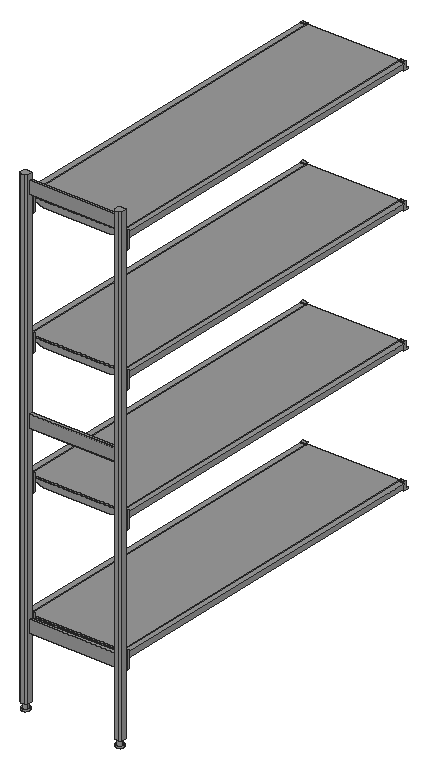
Revit family "QF_ELECTROLUXPROFESSIONAL_137056_ACS1272", category Attrezzature speciali, Revit 2020
Family settings
  Quota connettore circolare = Usa diametro
  Tipo di parte = Normale
  Basato su piano di lavoro = No
  Sempre verticale = Sì
  Taglio con vuoti quando caricato = No
  Condiviso = No
  Punto di calcolo locali = No
Parameters (values of type "Standard")
  Weight = 20.00 kg
  Watts = 0 W
  Volts = 0 V
  URL Manufacturer = "https://www.electroluxprofessional.com/"
  URL = "https://www.electroluxprofessional.com/"
  Steam Supply Size = 0 mm
  Steam Supply Minimum Pressure = 0.0 Pa
  Steam Supply Maximum Pressure = 0.0 Pa
  Steam Consumption per Hour = 0
  Refrigeration Suction Line Size = 0.0 mm
  Refrigeration Liquid Line Size = 0.0 mm
  Refrigerant Compressor Remote = yes
  Prospetto di default = 0.0 mm
  Phase = 0
  Modello = "ACS1272"
  Produttore = "Electrolux Professional"
  Length Actual = 1276.0 mm  # constant formula
  Item Number = "137056"
  Hot Water Size = 0 mm
  Height Actual = 1700.0 mm  # constant formula
  HP = "0 HP"
  Gas Size = 0 mm
  Gas KW = 0
  Gas Input Pressure = 0 W
  Direct Waste Size = 0 mm
  Descrizione = "ALUM.CORNER SHELV.-POLY.TIERS-373X1276MM"
  Depth Actual = 373.0 mm  # constant formula
  Cycle = 0 Hz
  Condensate Return Size = 0 mm
  Compressed Air Volume = 0.0 L/s
  Compressed Air Size = 0 mm
  Compressed Air Pressure = 0.0 Pa
  Cold Water Size = 0 mm
  Accessory = yes
Reference planes
  plane 1: z = 0
  plane 2 "Center (F/B)": y = -163.5
  plane 3 "Front": y = -549.5
  plane 4 "Left": x = -217.5
  plane 5 "Right": x = 155.5
  plane 6 "TOP": z = 1700
  plane 7: y = -517.5
  plane 8: y = 722.5
  plane 9 "Center (Left/Right)": x = -31
  plane 10: y = 717.5
  plane 11: x = -186
  plane 12: x = 124
  plane 13 "FEET": z = 25
  plane 14: z = 275
  plane 15: z = 725
  plane 16: z = 1175
  plane 17: z = 1625
  plane 18 "CXLeft": y = -535.5
  plane 19: x = -200
  plane 20 "CYBack": x = -200
  plane 21 "CYFront": x = 138
  plane 22 "Back": y = 726.5
  plane 23 "LEFT_ORIGIN": x = -251.5
  plane 24 "BACK_Origin": y = 1099.5
Forms (mm)
  Extrusion 1, solid, material "QF_Aluminum"
    sketch origin (0, -549.5, 0) x (-1, 0, 0) y (0, 0, 1)
      loop
        line (198.5, 1650.994) -> (198.5, 1632.998) -> (217.5, 1632.998) -> (217.5, 1650.994) -> (198.5, 1650.994)
      loop
        line (-136.5, 1650.994) -> (-155.5, 1650.994) -> (-155.5, 1632.998) -> (-136.5, 1632.998) -> (-136.5, 1650.994)
      loop
        line (198.5, 1200.994) -> (198.5, 1182.998) -> (217.5, 1182.998) -> (217.5, 1200.994) -> (198.5, 1200.994)
      loop
        line (-136.5, 1200.994) -> (-155.5, 1200.994) -> (-155.5, 1182.998) -> (-136.5, 1182.998) -> (-136.5, 1200.994)
      loop
        line (198.5, 750.994) -> (198.5, 732.998) -> (217.5, 732.998) -> (217.5, 750.994) -> (198.5, 750.994)
      loop
        line (-136.5, 750.994) -> (-155.5, 750.994) -> (-155.5, 732.998) -> (-136.5, 732.998) -> (-136.5, 750.994)
      loop
        line (198.5, 300.994) -> (198.5, 282.998) -> (217.5, 282.998) -> (217.5, 300.994) -> (198.5, 300.994)
      loop
        line (-136.5, 300.994) -> (-155.5, 300.994) -> (-155.5, 282.998) -> (-136.5, 282.998) -> (-136.5, 300.994)
    from 32 to 1272
  Extrusion 2, solid, material "QF_Polyethylene"
    sketch origin (0, -549.5, 0) x (-1, 0, 0) y (0, 0, 1)
      loop
        line (196.507, 1650.994) -> (-134.5, 1650.994) -> (-134.5, 1644.496) -> (196.507, 1644.496) -> (196.507, 1650.994)
      loop
        line (196.507, 1200.994) -> (-134.5, 1200.994) -> (-134.5, 1194.496) -> (196.507, 1194.496) -> (196.507, 1200.994)
      loop
        line (196.507, 750.994) -> (-134.5, 750.994) -> (-134.5, 744.496) -> (196.507, 744.496) -> (196.507, 750.994)
      loop
        line (196.507, 300.994) -> (-134.5, 300.994) -> (-134.5, 294.496) -> (196.507, 294.496) -> (196.507, 300.994)
    from 32 to 1272
Lines and regions (mm)
  symbolic lines
    curve 1: line (-198.5, 722.5, 1700) -> (-198.5, -517.5, 1700)
    curve 2: line (-217.5, -521.5, 1700) -> (-217.5, 722.5, 1700)
    curve 3: line (155.5, -521.5, 1700) -> (155.5, 722.5, 1700)
    curve 4: line (-181.507, -517.5, 1700) -> (119.507, -517.5, 1700)
    curve 5: line (136.5, -517.5, 1700) -> (136.5, 722.5, 1700)
    curve 6: line (-198.5, 722.5, 1700) -> (136.5, 722.5, 1700)
Dimensions and locks
  plane 3 "Front" to plane 2 "Center (F/B)" = 386.0 mm
  locked: plane 6 "TOP" to level at 1700
  locked: plane 4 "Left" to plane 5 "Right" at 373
  locked: plane 7 to plane 8 at 1240
  locked: plane 3 "Front" to plane 7 at 32
  plane 10 to plane 8 = 5.0 mm
  locked: plane 11 to plane 12 at 310
  equal spacing: plane 11, plane 9 "Center (Left/Right)", plane 12
  equal spacing: plane 4 "Left", plane 9 "Center (Left/Right)", plane 5 "Right"
  plane 13 "FEET" to level = 25.0 mm
  plane 6 "TOP" to plane 13 "FEET" = 1675.0 mm
  plane 14 to plane 13 "FEET" = 250.0 mm
  plane 15 to plane 14 = 450.0 mm
  plane 16 to plane 15 = 450.0 mm
  plane 17 to plane 16 = 450.0 mm
  locked: plane 3 "Front" to plane 18 "CXLeft" at 14
  locked: plane 3 "Front" to plane 22 "Back" at 1276
  plane 23 "LEFT_ORIGIN" to plane 5 "Right" = 407.0 mm
  locked: plane 22 "Back" to plane 24 "BACK_Origin" at 373
  aligned and locked: level to plane 1
  aligned and locked: Extrusion 2 to plane 7
  aligned and locked: plane 8 to Extrusion 2
  aligned and locked: Extrusion 1 to plane 7
  aligned and locked: plane 8 to Extrusion 1
  aligned and locked: Extrusion 1 sketch curve to Extrusion 1 sketch curve  (x2)
  aligned and locked: nested 1 to plane 18 "CXLeft"
  aligned and locked: nested 2 to plane 10
Automatic sketch dimensions
  curve 2 to plane 4 "Left" = 0.0 mm
  curve 3 to plane 5 "Right" = 0.0 mm
  plane 7 to curve 1 = 0.0 mm
  plane 7 to curve 4 = 0.0 mm
  plane 7 to curve 5 = 0.0 mm
  plane 8 to curve 2 = 0.0 mm
  plane 8 to curve 1 = 0.0 mm
  plane 8 to curve 3 = 0.0 mm
  plane 21 "CYFront" to curve 5 = 1.5 mm
  plane 19 to curve 6 = 1.5 mm
  plane 7 to curve 3 = 4.0 mm
  plane 7 to curve 2 = 4.0 mm
  plane 12 to curve 4 = 4.493 mm
  curve 4 to plane 11 = 4.493 mm
  plane 5 "Right" to Extrusion 1 sketch curve = 0.0 mm  (x4)
  plane 4 "Left" to Extrusion 1 sketch curve = 0.0 mm  (x4)
  plane 21 "CYFront" to Extrusion 1 sketch curve = 1.5 mm  (x2)
  plane 19 to Extrusion 1 sketch curve = 1.5 mm  (x4)
  plane 14 to Extrusion 1 sketch curve = 7.998 mm  (x2)
  Extrusion 1 sketch curve to Extrusion 1 sketch curve = 17.997 mm  (x8)
  plane 15 to Extrusion 1 sketch curve = 7.998 mm  (x2)
  plane 16 to Extrusion 1 sketch curve = 7.998 mm  (x2)
  plane 17 to Extrusion 1 sketch curve = 7.998 mm  (x2)
  plane 21 "CYFront" to Extrusion 2 sketch curve = 3.5 mm  (x4)
  plane 19 to Extrusion 2 sketch curve = 3.493 mm  (x4)
  plane 14 to Extrusion 2 sketch curve = 19.496 mm
  Extrusion 2 sketch curve to Extrusion 2 sketch curve = 6.499 mm  (x4)
  plane 15 to Extrusion 2 sketch curve = 19.496 mm
  plane 16 to Extrusion 2 sketch curve = 19.496 mm
  plane 17 to Extrusion 2 sketch curve = 19.496 mm
Nested families
  nested 1: "WT_Anta373" at (-194.5, -132.5, 0) x (0, 1, 0) z (0, 0, 1), type "WT_Anta373"
  nested 2: "WT_Aggancio373" at (-194.5, 1134.5, 0) x (0, 1, 0) z (0, 0, 1), type "WT_Aggancio373"
Definition of nested family "WT_Anta373"
  Parameters
    WidthLeft = A + 64.0 mm  # 772.0 mm
    Width = 1606.0 mm
    Right = WidthLeft / 2  # 386.0 mm
    Default Elevation = 0.0 mm
    Left = -WidthLeft / 2  # -386.0 mm
    Height = 1725.0 mm
    FEET = 25.0 mm
    E = 0.0 mm
    Dint = Depth - 63.0 mm  # 310.0 mm
    Dext = Depth - 8.0 mm  # 365.0 mm
    Depth = 373.0 mm
    DX = (WidthLeft - A) / 2  # 32.0 mm
    B = 798.0 mm
    A = 708.0 mm
  Reference planes
    plane 1: z = 0
    plane 2 "LEFT": x = -417
    plane 3 "BACK": y = 23
    plane 4 "FRONT": y = -350
    plane 5 "TOP": z = 1725
    plane 6 "Center (Front/Back)": y = -163.5
    plane 7: y = -8.5
    plane 8: y = -318.5
    plane 9 "FEET": z = 25
    plane 10: z = 275
    plane 11: z = 725
    plane 12: z = 1175
    plane 13: z = 1625
    plane 14 "CXLeft": x = -403
    plane 15: y = 5.5
    plane 16 "CYBack": y = 5.5
    plane 17 "CYFront": y = -332.5
    plane 18: x = -385.031
    plane 19: x = -380.031
  Forms (mm)
    Extrusion 1, solid
      sketch origin (0, 0, 0) x (1, 0, 0) y (0, 1, 0)
        loop
          line (-417, 13.246) -> (-417, -2.246) -> (-410.746, -8.5) -> (-395.254, -8.5) -> (-389, -2.246) -> (-389, 13.246) -> (-395.254, 19.5) -> (-410.746, 19.5) -> (-417, 13.246)
      from 1725 to 25
    Extrusion 2, solid
      sketch origin (-417, 0, 0) x (0, 1, 0) y (0, 0, 1)
        loop
          line (23, 246.005) -> (23, 307.993) -> (-12.993, 307.993) -> (-12.993, 246.005) -> (23, 246.005)
        loop
          line (-350, 246.005) -> (-314.007, 246.005) -> (-314.007, 307.993) -> (-350, 307.993) -> (-350, 246.005)
        loop
          line (23, 696.005) -> (23, 757.993) -> (-12.993, 757.993) -> (-12.993, 696.005) -> (23, 696.005)
        loop
          line (-350, 696.005) -> (-314.007, 696.005) -> (-314.007, 757.993) -> (-350, 757.993) -> (-350, 696.005)
        loop
          line (23, 1146.005) -> (23, 1207.993) -> (-12.993, 1207.993) -> (-12.993, 1146.005) -> (23, 1146.005)
        loop
          line (-350, 1146.005) -> (-314.007, 1146.005) -> (-314.007, 1207.993) -> (-350, 1207.993) -> (-350, 1146.005)
        loop
          line (23, 1596.005) -> (23, 1657.993) -> (-12.993, 1657.993) -> (-12.993, 1596.005) -> (23, 1596.005)
        loop
          line (-350, 1596.005) -> (-314.007, 1596.005) -> (-314.007, 1657.993) -> (-350, 1657.993) -> (-350, 1596.005)
      from 28 to 32
    Revolve 3, solid
      sketch origin (-403, 0, 0) x (0, 1, 0) y (0, 0, 1)
        loop
          line (5.5, 25) -> (5.5, 0) -> (19, 0) -> (19, 5) -> (14, 5) -> (14, 25) -> (5.5, 25)
        axis (5.5, 25) -> (5.5, 0)
      angle from 0 to 360
    Extrusion 4, solid
      sketch origin (-403, 0, 0) x (0, 1, 0) y (0, 0, 1)
        loop
          line (-8.5, 912.382) -> (-8.5, 957.374) -> (-318.5, 957.374) -> (-318.5, 912.382) -> (-8.5, 912.382)
        loop
          line (-8.5, 1662.244) -> (-8.5, 1707.236) -> (-318.5, 1707.236) -> (-318.5, 1662.244) -> (-8.5, 1662.244)
      from -5 to 5
    Revolve 5, solid
      sketch origin (-403, -627, 0) x (0, -1, 0) y (0, 0, 1)
        loop
          line (-294.5, 25) -> (-294.5, 0) -> (-281, 0) -> (-281, 5) -> (-286, 5) -> (-286, 25) -> (-294.5, 25)
        axis (-294.5, 25) -> (-294.5, 0)
      angle from 0 to 360
    Extrusion 6, solid
      sketch origin (0, -627, 0) x (1, 0, 0) y (0, 1, 0)
        loop
          line (-417, 286.754) -> (-410.746, 280.5) -> (-395.254, 280.5) -> (-389, 286.754) -> (-389, 302.246) -> (-395.254, 308.5) -> (-410.746, 308.5) -> (-417, 302.246) -> (-417, 286.754)
      from 1725 to 25
    Extrusion 7, solid
      sketch origin (-417.031, -0.022, 0) x (0, 1, 0) y (0, 0, -1)
        loop
          line (-12, -1632.998) -> (-46, -1620.994) -> (-281, -1620.994) -> (-315, -1632.998) -> (-331, -1632.998) -> (-331, -1650.994) -> (-329, -1650.994) -> (-329, -1644.496) -> (2.007, -1644.496) -> (2.007, -1650.994) -> (4, -1650.994) -> (4, -1632.998) -> (-12, -1632.998)
        loop
          line (-12, -1182.998) -> (-46, -1170.994) -> (-281, -1170.994) -> (-315, -1182.998) -> (-331, -1182.998) -> (-331, -1200.994) -> (-329, -1200.994) -> (-329, -1194.496) -> (2.007, -1194.496) -> (2.007, -1200.994) -> (4, -1200.994) -> (4, -1182.998) -> (-12, -1182.998)
        loop
          line (-12, -732.998) -> (-46, -720.994) -> (-281, -720.994) -> (-315, -732.998) -> (-331, -732.998) -> (-331, -750.994) -> (-329, -750.994) -> (-329, -744.496) -> (2.007, -744.496) -> (2.007, -750.994) -> (4, -750.994) -> (4, -732.998) -> (-12, -732.998)
        loop
          line (-12, -282.998) -> (-46, -270.994) -> (-281, -270.994) -> (-315, -282.998) -> (-331, -282.998) -> (-331, -300.994) -> (-329, -300.994) -> (-329, -294.496) -> (2.007, -294.496) -> (2.007, -300.994) -> (4, -300.994) -> (4, -282.998) -> (-12, -282.998)
      from -32 to -37
    Extrusion 8, solid
      sketch origin (-403, 0, -659.878) x (0, 1, 0) y (0, 0, 1)
        loop
          line (-8.5, 912.382) -> (-8.5, 957.374) -> (-318.5, 957.374) -> (-318.5, 912.382) -> (-8.5, 912.382)
        loop
          line (-8.5, 1572.382) -> (-8.5, 1617.374) -> (-318.5, 1617.374) -> (-318.5, 1572.382) -> (-8.5, 1572.382)
        loop
          line (-8.5, 2322.382) -> (-8.5, 2367.374) -> (-318.5, 2367.374) -> (-318.5, 2322.382) -> (-8.5, 2322.382)
      from -5 to 5
  Lines and regions (mm)
    symbolic lines
      curve 1: line (-408, -8.5, 1725) -> (-408, -318.5, 1725)
      curve 2: line (-398, -318.5, 1725) -> (-398, -8.5, 1725)
      curve 3: line (-395.254, -8.5, 1725) -> (-410.746, -8.5, 1725)
      curve 4: line (-417, -2.246, 1725) -> (-410.746, -8.5, 1725)
      curve 5: line (-417, 13.246, 1725) -> (-417, -2.246, 1725)
      curve 6: line (-410.746, 19.5, 1725) -> (-417, 13.246, 1725)
      curve 7: line (-395.254, 19.5, 1725) -> (-410.746, 19.5, 1725)
      curve 8: line (-389, 13.246, 1725) -> (-395.254, 19.5, 1725)
      curve 9: line (-395.254, -8.5, 1725) -> (-389, -2.246, 1725)
      curve 10: line (-395.254, -318.5, 1725) -> (-410.746, -318.5, 1725)
      curve 11: line (-417, -324.754, 1725) -> (-410.746, -318.5, 1725)
      curve 12: line (-410.746, -346.5, 1725) -> (-417, -340.246, 1725)
      curve 13: line (-395.254, -346.5, 1725) -> (-410.746, -346.5, 1725)
      curve 14: line (-389, -340.246, 1725) -> (-395.254, -346.5, 1725)
      curve 15: line (-395.254, -318.5, 1725) -> (-389, -324.754, 1725)
      curve 16: line (-389, -350, 1725) -> (-389, -314.007, 1725)
      curve 17: line (-389, -314.007, 1725) -> (-385, -314.007, 1725)
      curve 18: line (-389, 23, 1725) -> (-389, -12.993, 1725)
      curve 19: line (-389, -12.993, 1725) -> (-385, -12.993, 1725)
      curve 20: line (-417, -324.754, 1725) -> (-417, -340.246, 1725)
      curve 21: line (-385, -350, 1725) -> (-385, -314.007, 1725)
      curve 22: line (-385, -350, 1725) -> (-389, -350, 1725)
      curve 23: line (-385, 23, 1725) -> (-389, 23, 1725)
      curve 24: line (-385, -12.993, 1725) -> (-385, 23, 1725)
      curve 25: line (-385.031, -13.016, 1725) -> (-385.031, -314.029, 1725)
  Dimensions and locks
    "Height": plane 5 "TOP" to level
    "Depth": plane 3 "BACK" to plane 4 "FRONT"
    "Dint": plane 7 to plane 8
    equal spacing: plane 7, plane 6 "Center (Front/Back)", plane 8
    equal spacing: plane 3 "BACK", plane 6 "Center (Front/Back)", plane 4 "FRONT"
    plane 9 "FEET" to level = 25.0 mm
    plane 5 "TOP" to plane 9 "FEET" = 1700.0 mm
    plane 10 to plane 9 "FEET" = 250.0 mm
    plane 11 to plane 10 = 450.0 mm
    plane 12 to plane 11 = 450.0 mm
    plane 13 to plane 12 = 450.0 mm
    locked: plane 2 "LEFT" to plane 14 "CXLeft" at 14
    locked: plane 3 "BACK" to plane 16 "CYBack" at 17.5
    locked: plane 17 "CYFront" to plane 4 "FRONT" at 17.5
    locked: Revolve 3 sketch curve to Revolve 3 sketch curve at 8.5
    locked: Revolve 3 sketch curve to plane 16 "CYBack" at 13.5
    locked: Revolve 5 sketch curve to Revolve 5 sketch curve at 8.5
    aligned and locked: level to plane 1
    aligned and locked: curve 20 to Extrusion 6
    aligned and locked: plane 5 "TOP" to Extrusion 1
    aligned and locked: plane 5 "TOP" to Extrusion 6
    aligned and locked: Extrusion 7 sketch curve to Extrusion 7 sketch curve  (x3)
  Automatic sketch dimensions
    curve 16 to plane 4 "FRONT" = 0.0 mm
    curve 11 to plane 8 = 0.0 mm
    curve 9 to plane 7 = 0.0 mm
    curve 5 to plane 2 "LEFT" = 0.0 mm
    curve 23 to plane 3 "BACK" = 0.0 mm
    plane 4 "FRONT" to curve 13 = 3.5 mm
    curve 20 to plane 17 "CYFront" = 7.746 mm
    curve 20 to plane 8 = 6.254 mm
    plane 8 to curve 16 = 4.493 mm
    curve 24 to plane 18 = 0.031 mm
    curve 24 to plane 7 = 4.493 mm
    plane 7 to curve 5 = 6.254 mm
    curve 5 to plane 15 = 7.746 mm
    curve 6 to plane 3 "BACK" = 3.5 mm
    curve 21 to plane 18 = 0.031 mm
    plane 18 to curve 23 = 3.969 mm
    plane 18 to curve 16 = 3.969 mm
    curve 18 to curve 8 = 6.254 mm
    curve 18 to curve 3 = 6.254 mm
    curve 16 to curve 13 = 6.254 mm
    curve 16 to curve 15 = 6.254 mm
    plane 2 "LEFT" to curve 10 = 6.254 mm
    plane 2 "LEFT" to curve 7 = 6.254 mm
    plane 2 "LEFT" to curve 12 = 6.254 mm
    plane 2 "LEFT" to curve 3 = 6.254 mm
    curve 14 to plane 17 "CYFront" = 7.746 mm
    curve 15 to plane 8 = 6.254 mm
    plane 7 to curve 9 = 6.254 mm
    curve 8 to plane 15 = 7.746 mm
    curve 3 to curve 2 = 2.746 mm
    curve 1 to curve 10 = 2.746 mm
    Extrusion 1 sketch curve to plane 2 "LEFT" = 0.0 mm
    Extrusion 1 sketch curve to plane 7 = 0.0 mm
    plane 2 "LEFT" to Extrusion 1 sketch curve = 6.254 mm  (x2)
    plane 14 "CXLeft" to Extrusion 1 sketch curve = 7.746 mm  (x2)
    Extrusion 1 sketch curve to plane 3 "BACK" = 3.5 mm
    plane 18 to Extrusion 1 sketch curve = 3.969 mm
    plane 7 to Extrusion 1 sketch curve = 6.254 mm  (x2)
    Extrusion 1 sketch curve to plane 15 = 7.746 mm  (x2)
    Extrusion 2 sketch curve to plane 4 "FRONT" = 0.0 mm  (x4)
    Extrusion 2 sketch curve to plane 3 "BACK" = 0.0 mm  (x4)
    plane 8 to Extrusion 2 sketch curve = 4.493 mm  (x4)
    Extrusion 2 sketch curve to plane 7 = 4.493 mm  (x4)
    Extrusion 2 sketch curve to plane 10 = 28.995 mm  (x2)
    plane 10 to Extrusion 2 sketch curve = 32.993 mm  (x2)
    Extrusion 2 sketch curve to plane 11 = 28.995 mm  (x2)
    plane 11 to Extrusion 2 sketch curve = 32.993 mm  (x2)
    Extrusion 2 sketch curve to plane 12 = 28.995 mm  (x2)
    plane 12 to Extrusion 2 sketch curve = 32.993 mm  (x2)
    Extrusion 2 sketch curve to plane 13 = 28.995 mm  (x2)
    plane 13 to Extrusion 2 sketch curve = 32.993 mm  (x2)
    Revolve 3 sketch curve to plane 9 "FEET" = 0.0 mm  (x2)
    Revolve 3 sketch curve to plane 15 = 0.0 mm  (x2)
    Revolve 3 sketch curve to level = 0.0 mm
    level to Revolve 3 sketch curve = 5.0 mm
    Revolve 3 sketch curve to Revolve 3 sketch curve = 11.655 mm
    Extrusion 4 sketch curve to plane 8 = 0.0 mm  (x2)
    Extrusion 4 sketch curve to plane 7 = 0.0 mm  (x2)
    plane 11 to Extrusion 4 sketch curve = 187.382 mm
    Extrusion 4 sketch curve to Extrusion 4 sketch curve = 44.992 mm
    plane 13 to Extrusion 4 sketch curve = 37.244 mm
    Extrusion 4 sketch curve to plane 5 "TOP" = 17.764 mm
    Revolve 5 sketch curve to plane 9 "FEET" = 0.0 mm  (x2)
    Revolve 5 sketch curve to plane 17 "CYFront" = 0.0 mm  (x2)
    Revolve 5 sketch curve to level = 0.0 mm
    Revolve 5 sketch curve to plane 4 "FRONT" = 4.0 mm
    Revolve 5 sketch curve to Revolve 5 sketch curve = 5.0 mm
    level to Revolve 5 sketch curve = 11.655 mm
    Extrusion 6 sketch curve to plane 2 "LEFT" = 0.0 mm
    Extrusion 6 sketch curve to plane 8 = 0.0 mm
    Extrusion 6 sketch curve to plane 2 "LEFT" = 6.254 mm  (x2)
    Extrusion 6 sketch curve to plane 14 "CXLeft" = 7.746 mm  (x2)
    Extrusion 6 sketch curve to plane 4 "FRONT" = 3.5 mm
    Extrusion 6 sketch curve to plane 18 = 3.969 mm
    plane 8 to Extrusion 6 sketch curve = 6.254 mm  (x2)
    plane 17 "CYFront" to Extrusion 6 sketch curve = 7.746 mm  (x2)
    plane 17 "CYFront" to Extrusion 7 sketch curve = 1.478 mm  (x4)
    Extrusion 7 sketch curve to Extrusion 7 sketch curve = 2.0 mm
    plane 8 to Extrusion 7 sketch curve = 3.478 mm  (x4)
    Extrusion 7 sketch curve to plane 10 = 4.006 mm
    Extrusion 7 sketch curve to Extrusion 7 sketch curve = 34.0 mm  (x4)
    Extrusion 7 sketch curve to plane 11 = 4.006 mm
    Extrusion 7 sketch curve to plane 12 = 4.006 mm
    Extrusion 7 sketch curve to plane 13 = 4.006 mm
    Extrusion 7 sketch curve to plane 7 = 37.522 mm  (x4)
    Extrusion 7 sketch curve to plane 7 = 3.522 mm  (x4)
    plane 15 to Extrusion 7 sketch curve = 3.516 mm  (x4)
    plane 15 to Extrusion 7 sketch curve = 1.522 mm  (x4)
    plane 13 to Extrusion 7 sketch curve = 7.998 mm  (x2)
    Extrusion 7 sketch curve to Extrusion 7 sketch curve = 11.498 mm
    Extrusion 7 sketch curve to Extrusion 7 sketch curve = 6.499 mm  (x5)
    plane 12 to Extrusion 7 sketch curve = 25.994 mm  (x2)
    plane 12 to Extrusion 7 sketch curve = 7.998 mm  (x2)
    plane 11 to Extrusion 7 sketch curve = 25.994 mm  (x2)
    plane 11 to Extrusion 7 sketch curve = 7.998 mm  (x2)
    plane 10 to Extrusion 7 sketch curve = 25.994 mm  (x2)
    plane 10 to Extrusion 7 sketch curve = 7.998 mm  (x2)
    curve 25 to plane 18 = 0.0 mm
    plane 8 to curve 25 = 4.471 mm
    curve 25 to plane 7 = 4.516 mm
    Extrusion 8 sketch curve to plane 8 = 0.0 mm  (x3)
    Extrusion 8 sketch curve to plane 7 = 0.0 mm  (x3)
    Extrusion 8 sketch curve to plane 10 = 22.496 mm
    plane 10 to Extrusion 8 sketch curve = 22.496 mm
    plane 11 to Extrusion 8 sketch curve = 187.504 mm
    Extrusion 8 sketch curve to Extrusion 8 sketch curve = 44.992 mm
    plane 13 to Extrusion 8 sketch curve = 37.504 mm
    Extrusion 8 sketch curve to plane 5 "TOP" = 17.504 mm
Definition of nested family "WT_Aggancio373"
  Parameters
    WidthLeft = A + 64.0 mm  # 772.0 mm
    Width = 1606.0 mm
    Right = WidthLeft / 2  # 386.0 mm
    Default Elevation = 0.0 mm
    Left = -WidthLeft / 2  # -386.0 mm
    Height = 1725.0 mm
    FEET = 25.0 mm
    E = 0.0 mm
    Dint = Depth - 63.0 mm  # 310.0 mm
    Dext = Depth - 8.0 mm  # 365.0 mm
    Depth = 373.0 mm
    DX = (WidthLeft - A) / 2  # 32.0 mm
    B = 798.0 mm
    A = 708.0 mm
  Reference planes
    plane 1: z = 0
    plane 2 "LEFT": x = -417
    plane 3 "BACK": y = 23
    plane 4 "FRONT": y = -350
    plane 5 "TOP": z = 1725
    plane 6 "Center (Front/Back)": y = -163.5
    plane 7: y = -8.5
    plane 8: y = -318.5
    plane 9 "FEET": z = 25
    plane 10: z = 275
    plane 11: z = 725
    plane 12: z = 1175
    plane 13: z = 1625
    plane 14: y = 5.5
    plane 15 "CYBack": y = 5.5
    plane 16 "CYFront": y = -332.5
  Forms (mm)
    Extrusion 1, solid
      sketch origin (-380, -0.022, 0) x (0, 1, 0) y (0, 0, 1)
        loop
          line (-12, 1632.998) -> (4, 1632.998) -> (4, 1650.994) -> (2.007, 1650.994) -> (2.007, 1644.496) -> (-329, 1644.496) -> (-329, 1650.994) -> (-331, 1650.994) -> (-331, 1632.998) -> (-315, 1632.998) -> (-281, 1620.994) -> (-46, 1620.994) -> (-12, 1632.998)
        loop
          line (-12, 1182.998) -> (4, 1182.998) -> (4, 1200.994) -> (2.007, 1200.994) -> (2.007, 1194.496) -> (-329, 1194.496) -> (-329, 1200.994) -> (-331, 1200.994) -> (-331, 1182.998) -> (-315, 1182.998) -> (-281, 1170.994) -> (-46, 1170.994) -> (-12, 1182.998)
        loop
          line (-12, 732.998) -> (4, 732.998) -> (4, 750.994) -> (2.007, 750.994) -> (2.007, 744.496) -> (-329, 744.496) -> (-329, 750.994) -> (-331, 750.994) -> (-331, 732.998) -> (-315, 732.998) -> (-281, 720.994) -> (-46, 720.994) -> (-12, 732.998)
        loop
          line (-12, 282.998) -> (4, 282.998) -> (4, 300.994) -> (2.007, 300.994) -> (2.007, 294.496) -> (-329, 294.496) -> (-329, 300.994) -> (-331, 300.994) -> (-331, 282.998) -> (-315, 282.998) -> (-281, 270.994) -> (-46, 270.994) -> (-12, 282.998)
      from -32 to -37
    Extrusion 2, solid
      sketch origin (-793.062, -324.754, 6.5) x (1, 0, 0) y (0, 0, 1)
        loop
          line (385.062, 1644.496) -> (385.062, 1647.496) -> (376.062, 1647.496) -> (376.062, 1620.994) -> (390.031, 1620.994) -> (390.031, 1626.496) -> (381.062, 1626.496) -> (381.062, 1644.496) -> (385.062, 1644.496)
        loop
          line (385.062, 1194.496) -> (385.062, 1197.496) -> (376.062, 1197.496) -> (376.062, 1170.994) -> (390.031, 1170.994) -> (390.031, 1176.496) -> (381.062, 1176.496) -> (381.062, 1194.496) -> (385.062, 1194.496)
        loop
          line (385.062, 744.496) -> (385.062, 747.496) -> (376.062, 747.496) -> (376.062, 720.994) -> (390.031, 720.994) -> (390.031, 726.496) -> (381.062, 726.496) -> (381.062, 744.496) -> (385.062, 744.496)
        loop
          line (385.062, 294.496) -> (385.062, 297.496) -> (376.062, 297.496) -> (376.062, 270.994) -> (390.031, 270.994) -> (390.031, 276.496) -> (381.062, 276.496) -> (381.062, 294.496) -> (385.062, 294.496)
      from 6.268 to 25.246
    Extrusion 3, solid
      sketch origin (-793.062, 32.754, 6.5) x (1, 0, 0) y (0, 0, 1)
        loop
          line (385.062, 1644.496) -> (385.062, 1647.496) -> (376.062, 1647.496) -> (376.062, 1620.994) -> (390.031, 1620.994) -> (390.031, 1626.496) -> (381.062, 1626.496) -> (381.062, 1644.496) -> (385.062, 1644.496)
        loop
          line (385.062, 1194.496) -> (385.062, 1197.496) -> (376.062, 1197.496) -> (376.062, 1170.994) -> (390.031, 1170.994) -> (390.031, 1176.496) -> (381.062, 1176.496) -> (381.062, 1194.496) -> (385.062, 1194.496)
        loop
          line (385.062, 744.496) -> (385.062, 747.496) -> (376.062, 747.496) -> (376.062, 720.994) -> (390.031, 720.994) -> (390.031, 726.496) -> (381.062, 726.496) -> (381.062, 744.496) -> (385.062, 744.496)
        loop
          line (385.062, 294.496) -> (385.062, 297.496) -> (376.062, 297.496) -> (376.062, 270.994) -> (390.031, 270.994) -> (390.031, 276.496) -> (381.062, 276.496) -> (381.062, 294.496) -> (385.062, 294.496)
      from 9.754 to 28.776
  Lines and regions (mm)
    symbolic lines
      curve 1: line (-412, -350, 0) -> (-408, -350, 0)
      curve 2: line (-412, -331.022, 0) -> (-412, -350, 0)
      curve 3: line (-408, -331.022, 0) -> (-412, -331.022, 0)
      curve 4: line (-408, -350, 0) -> (-408, -331.022, 0)
      curve 5: line (-412, 3.978, 0) -> (-408, 3.978, 0)
      curve 6: line (-412, 23, 0) -> (-412, 3.978, 0)
      curve 7: line (-408, 23, 0) -> (-412, 23, 0)
      curve 8: line (-408, 3.978, 0) -> (-408, 23, 0)
  Dimensions and locks
    "Height": plane 5 "TOP" to level
    "Depth": plane 3 "BACK" to plane 4 "FRONT"
    "Dint": plane 7 to plane 8
    equal spacing: plane 7, plane 6 "Center (Front/Back)", plane 8
    equal spacing: plane 3 "BACK", plane 6 "Center (Front/Back)", plane 4 "FRONT"
    plane 9 "FEET" to level = 25.0 mm
    plane 5 "TOP" to plane 9 "FEET" = 1700.0 mm
    plane 10 to plane 9 "FEET" = 250.0 mm
    plane 11 to plane 10 = 450.0 mm
    plane 12 to plane 11 = 450.0 mm
    plane 13 to plane 12 = 450.0 mm
    locked: plane 3 "BACK" to plane 15 "CYBack" at 17.5
    locked: plane 16 "CYFront" to plane 4 "FRONT" at 17.5
    aligned and locked: level to plane 1
    aligned and locked: Extrusion 1 sketch curve to Extrusion 1 sketch curve  (x3)
  Automatic sketch dimensions
    plane 16 "CYFront" to Extrusion 1 sketch curve = 1.478 mm  (x4)
    Extrusion 1 sketch curve to Extrusion 1 sketch curve = 2.0 mm
    plane 8 to Extrusion 1 sketch curve = 3.478 mm  (x4)
    Extrusion 1 sketch curve to plane 10 = 4.006 mm
    Extrusion 1 sketch curve to Extrusion 1 sketch curve = 34.0 mm  (x4)
    Extrusion 1 sketch curve to plane 11 = 4.006 mm
    Extrusion 1 sketch curve to plane 12 = 4.006 mm
    Extrusion 1 sketch curve to plane 13 = 4.006 mm
    Extrusion 1 sketch curve to plane 7 = 37.522 mm  (x4)
    Extrusion 1 sketch curve to plane 7 = 3.522 mm  (x4)
    plane 14 to Extrusion 1 sketch curve = 3.516 mm  (x4)
    plane 14 to Extrusion 1 sketch curve = 1.522 mm  (x4)
    plane 10 to Extrusion 1 sketch curve = 7.998 mm  (x2)
    Extrusion 1 sketch curve to Extrusion 1 sketch curve = 11.498 mm  (x4)
    Extrusion 1 sketch curve to Extrusion 1 sketch curve = 6.499 mm  (x8)
    plane 11 to Extrusion 1 sketch curve = 7.998 mm  (x2)
    plane 12 to Extrusion 1 sketch curve = 7.998 mm  (x2)
    plane 13 to Extrusion 1 sketch curve = 7.998 mm  (x2)
    plane 2 "LEFT" to Extrusion 2 sketch curve = 0.0 mm  (x4)
    plane 13 to Extrusion 2 sketch curve = 7.996 mm
    plane 11 to Extrusion 2 sketch curve = 7.996 mm
    Extrusion 2 sketch curve to Extrusion 2 sketch curve = 5.0 mm  (x4)
    plane 11 to Extrusion 2 sketch curve = 2.494 mm
    plane 10 to Extrusion 2 sketch curve = 28.996 mm
    Extrusion 2 sketch curve to Extrusion 2 sketch curve = 3.0 mm  (x4)
    plane 10 to Extrusion 2 sketch curve = 7.996 mm
    plane 10 to Extrusion 2 sketch curve = 2.494 mm
    Extrusion 2 sketch curve to Extrusion 2 sketch curve = 18.0 mm  (x3)
    plane 12 to Extrusion 2 sketch curve = 2.494 mm
    plane 12 to Extrusion 2 sketch curve = 7.996 mm
    plane 13 to Extrusion 2 sketch curve = 2.494 mm
    plane 2 "LEFT" to Extrusion 3 sketch curve = 0.0 mm  (x4)
    plane 13 to Extrusion 3 sketch curve = 7.996 mm
    plane 11 to Extrusion 3 sketch curve = 7.996 mm
    Extrusion 3 sketch curve to Extrusion 3 sketch curve = 5.0 mm  (x4)
    plane 11 to Extrusion 3 sketch curve = 2.494 mm
    plane 10 to Extrusion 3 sketch curve = 28.996 mm
    Extrusion 3 sketch curve to Extrusion 3 sketch curve = 3.0 mm  (x4)
    plane 10 to Extrusion 3 sketch curve = 7.996 mm
    plane 10 to Extrusion 3 sketch curve = 2.494 mm
    Extrusion 3 sketch curve to Extrusion 3 sketch curve = 18.0 mm  (x3)
    plane 12 to Extrusion 3 sketch curve = 2.494 mm
    plane 12 to Extrusion 3 sketch curve = 7.996 mm
    plane 13 to Extrusion 3 sketch curve = 2.494 mm
    plane 2 "LEFT" to curve 1 = 5.0 mm
    plane 2 "LEFT" to curve 7 = 5.0 mm
    curve 1 to plane 16 "CYFront" = 17.5 mm
    curve 3 to plane 8 = 12.522 mm
    plane 7 to curve 5 = 12.478 mm
    curve 7 to plane 14 = 17.5 mm
    curve 5 to curve 5 = 4.0 mm
    curve 1 to curve 4 = 4.0 mm
    Extrusion 2 sketch curve to Extrusion 2 sketch curve = 4.0 mm  (x4)
    Extrusion 2 sketch curve to Extrusion 2 sketch curve = 8.969 mm  (x4)
    Extrusion 3 sketch curve to Extrusion 3 sketch curve = 4.0 mm  (x4)
    Extrusion 3 sketch curve to Extrusion 3 sketch curve = 8.969 mm  (x4)
